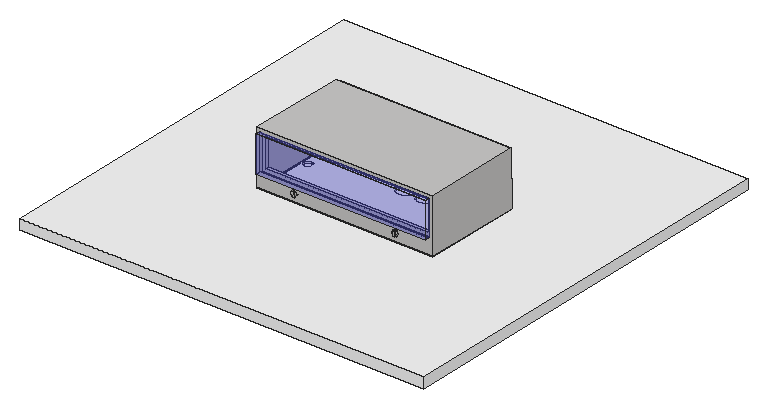
Revit family "BE_23015.2_de_DE", category Leuchten, Revit 2020
Family settings
  Basisbauteil = Fläche
  Bemaßung runder Anschluss = Durchmesser verwenden
  Teiletyp = Normal
  Beim Laden mit Abzugskörper schneiden = Ja
  Lichtquelle = Ja
  Gemeinsam genutzt = Nein
  Raumberechnungspunkt = Ja
Parameters (values of type "BEGA_23015.2_K3")
  built-in parameter 1150104 = 8.5387 (stored number, unit not read)
  Wattage = 13.6 W
  Default Elevation = 0 mm
  built-in parameter 1150113 = 1 (stored number, unit not read)
  built-in parameter 1114218 = 1 (stored number, unit not read)
  Umgebungstemperatur = "25 °C"
  URL = "http://www.bega.de/de/produkt/23015.2"
  Typenkommentare = "© 2022 BEGA. Wir behalten uns das Recht vor, technische Änderungen ohne vorherige Ankündigung vorzunehmen."  # constant formula
  built-in parameter 1150134 = 12
  built-in parameter 1150109 = 1 (stored number, unit not read)
  Strom = ""
  built-in parameter 1150110 = 1 (stored number, unit not read)
  Spannung = 239.996 V
  Sonderanfertigung = no
  Seriennummer [instance] = "Hier können Sie die eindeutige Seriennummer für das Facility Management eintragen."
  Schutzklasse = "I"
  Schutzart = "IP 20"
  Scheinlast = 0 VA
  Produktdatenblatt = "http://www.bega.de/download/Xrfa/db/23015.2.db.de.pdf"
  Oberflächentemperatur = ""
  Neigungswinkel = 0.00°
  Model = "23015.2K4"
  Material_17 = BEGA_Reflektor
  Material_15 = BEGA_Leuchtmedium_matt
  Material_11 = BEGA_Glas_opal
  Material_09 = BEGA_Glas_klar
  Material_08 = BEGA_Oberfläche_Stahl_verzinkt
  Material_06 = BEGA_Oberfläche_Edelstahl_gebürstet
  Material_05 = BEGA_Oberfläche_Aluminium Guss
  Material_03 = BEGA_Oberfläche_Weiss_matt
  Material_02 = BEGA_Oberfläche_Silber_matt
  Material_01 [instance] = BEGA_Oberfläche_Grafit_matt
  M_W = no
  M_G = no
  M_A = no
  Logo = 0
  built-in parameter 1114217 = 1 (stored number, unit not read)
  built-in parameter 1150139 = (empty or 0)
  built-in parameter 1150105 = 99.47 (stored number, unit not read)
  built-in parameter 1150114 = 1 (stored number, unit not read)
  Lumens = 1249.98 lm
  built-in parameter 1150115 = 1 (stored number, unit not read)
  Leuchtenlichtstrom = "527 lm"
  Leuchtenanzahl = ""
  Lebensdauerkriterien = "L70B50 @ 25 °C = 412000 h"
  Lastklassifizierung = Beleuchtung
  built-in parameter 1150112 = 1 (stored number, unit not read)
  Lampenlichtstrom = "1330 lm"
  Lampe = "LED 7.6 W"
  LED_Modulbezeichnung = "2x LED-0947/940"
  Hersteller = "BEGA"  # constant formula
  Halbstreuwinkel = ""
  Gewicht = "1.3 kg"
  Gebrauchslageneinschränkung [instance] = ""
  Frequenz = "0/50-60 Hz"
  Farbwiedergabeindex = "CRI > 90"
  Farbtemperaturverschiebung bei Dämpfen der Lampe = <Keine Auswahl>
  Farbtemperatur = "4000 K"
  Color Filter = 16777215
  built-in parameter 1150133 = 10 (stored number, unit not read)
  Energieeffizienzklasse = "LED A++ - A"
  built-in parameter 1150137 = (empty or 0)
  built-in parameter 1150132 = (empty or 0)
  ENEC = "ja"
  Dimmbar [instance] = ""
  Photometric Web File = "BE_23015.2K4.IES"
  CE_Konformität = "ja"
  Bestellnummer = "23015.2K4"
  Beschreibung_Sonderanfertigung = "Hier können Sie Informationen zur Sonderanfertigung eintragen."
  Beschreibung = "Wandleuchte"
  built-in parameter 1150106 = 0.9947 (stored number, unit not read)
  Befestigungsbohrung = "Ø 4,5 mm"
  Befestigungsabstand = "150 mm"
  Ballwurfsicher = ""
  BEGA_Intern_aus = yes
  BEGA_Intern_an = yes
  BEGA_Intern_Konstruktion = yes
  BEGA_Intern = yes
  BEGA_IES = yes
  BEGA_Dummy = no
  Anschlussleitung = ""
  Anschlussleistung [instance] = "8.8 W"
  Anschlusskasten = ""
  built-in parameter 1150107 = 4000 (stored number, unit not read)
  built-in parameter 1150102 = (empty or 0)
  built-in parameter 1150138 = (empty or 0)
  Aktualisierung = "2019-07-05T04:00:16"
  Abstand_zur_angestrahlten_Fläche [instance] = ""
  AC/DC = "AC/DC"
Reference planes
  plane 1 "Mitte (Vorne/Hinten)": y = 0
  plane 2: z = 0
  plane 3 "Mitte (Links/Rechts)": x = 0
  plane 4 "Links": x = -87.491
  plane 5 "Rechts": x = 87.491
  plane 6 "Unten": y = -53.25
  plane 7 "Oben": y = 53.25
  plane 8 "Vorne": z = 54
  plane 9 "Hinten": z = 0
Forms (mm)
  Extrusion 1, solid, material "BEGA_Platte_Weiss"
    sketch origin (0, -1119.2, 0) x (1, 0, 0) y (0, 1, 0)
      loop
        line (-200, 1319.2) -> (-200, 919.2) -> (200, 919.2) -> (200, 1319.2) -> (-200, 1319.2)
    from 0 to -10
  Extrusion 2, solid, material "BEGA_Dummy_matt", visible <- "BEGA_Dummy"
    sketch origin (80.095, -76.023, 0) x (1, 0, 0) y (0, 1, 0)
      loop
        line (-167.587, 129.273) -> (-167.587, 22.773) -> (7.396, 22.773) -> (7.396, 129.273) -> (-167.587, 129.273)
    from 0 to 54
Dimensions and locks
  plane 1 "Mitte (Vorne/Hinten)" to Extrusion 1 = 200 mm
  aligned and locked: plane 2 to Extrusion 1
  aligned and locked: level to Extrusion 1
Nested families
  nested 1: "BE_23015.2" at (0, 0, 0), type "BE_23015.2"
Connectors
  electrical at (0, 0, 0), driven by "Lastklassifizierung", driven by "Spannung", driven by "Scheinlast"
    settings: index 1, voltage 239.996 V, apparent load 0 VA, apparent load phase1 0 VA, apparent load phase2 0 VA, apparent load phase3 0 VA, power factor 1, load classification "Beleuchtung", number of poles 1, system type 31, power factor state 1, is connector primary yes, connector utility no, sub classification motor no, connector description ""
Definition of nested family "BE_23015.2"
  Parameters (values of type "BE_23015.2")
    Default Elevation = 1 mm
    URL = "http://www.bega.de/de/produkt"
    Type Comments = "© 2015 BEGA. Wir behalten uns das Recht vor, technische Änderungen ohne vorherige Ankündigung vorzunehmen. "  # constant formula
    Type Image = (empty or 0)
    Neigungswinkel_um_Z2 = 0.00°
    Neigungswinkel_um_Z1 = 0.00°
    Neigungswinkel_um_Y2 = 0.00°
    Neigungswinkel_um_Y1 = 0.00°
    Neigungswinkel_um_X2 = 0.00°
    Neigungswinkel_um_X1 = 0.00°
    Material_17 = none
    Material_15 = none
    Material_11 = none
    Material_09 = none
    Material_08 = none
    Material_06 = none
    Material_05 = none
    Material_03 = none
    Material_02 = none
    Material_01 = none
    M_W = yes
    M_G = yes
    M_A = yes
    Länge_Platte = 300 mm  # constant formula
    Höhe_Platte = -10 mm  # constant formula
    Manufacturer = "BEGA"  # constant formula
    Drehwinkel_um_Z2 = 0.00°
    Drehwinkel_um_Z1 = 0.00°
    Breite_Platte = 200 mm  # constant formula
  Reference planes
    plane 1 "Mitte (Oben/Unten)": y = 0
    plane 2: z = 0
    plane 3 "Mitte (Links/Rechts)": x = 0
    plane 4: z = 54
    plane 5: y = 53.25
    plane 6: y = -53.25
    plane 7: x = -87.491
    plane 8: x = 87.491
  Forms (mm)
    Extrusion 1, solid, detail levels medium
      sketch origin (0, 0, 0) x (1, 0, 0) y (0, 1, 0)
        loop
          line (-150, 100) -> (-150, -100) -> (150, -100) -> (150, 100) -> (-150, 100)
      from 0 to -10 <- "Höhe_Platte"
    Extrusion 2, solid, material <- "Material_06", detail levels medium+fine
      sketch origin (0, 0, 0) x (0, 1, 0) y (0, 0, 1)
        loop
          line (48.25, 1) -> (48.25, 54) -> (-48.25, 54) -> (-48.25, 1) -> (-45.835, 1) -> (-45.835, 52) -> (45.835, 52) -> (45.835, 1) -> (48.25, 1)
      from -88.265 to 88.776
    Extrusion 3, solid, material <- "Material_06", detail levels medium+fine
      sketch origin (0, 0, 0) x (1, 0, 0) y (0, 0, 1)
        loop
          line (-88.265, 54) -> (-88.265, 1) -> (-84.981, 1) -> (-84.981, 54) -> (-88.265, 54)
        loop
          line (88.776, 54) -> (85.662, 54) -> (85.662, 1) -> (88.776, 1) -> (88.776, 54)
      from -48.25 to 48.25
    Extrusion 4, void
      sketch origin (0, 0, 0) x (1, 0, 0) y (0, 0, 1)
        loop
          line (-87.499, 0.549) -> (-86.557, 54.543) -> (-89.287, 54.543) -> (-89.287, 0.549) -> (-87.499, 0.549)
        loop
          line (87.516, 0.549) -> (90.348, 0.549) -> (90.348, 54.543) -> (86.574, 54.543) -> (87.516, 0.549)
      from -49.824 to 51.45
    Sweep 5, solid, material <- "Material_03", detail levels medium+fine
      path origin (0, 0, 0) x (1, 0, 0) y (0, 1, 0)
        loop
          line (87.509, 48.25) -> (-87.5, 48.25) -> (-87.5, -48.25) -> (87.509, -48.25) -> (87.509, 48.25)
      profile origin (0.004, 48.25, 0) x (0, -1, 0) y (0, 0, 1)
        loop
          line (0.5, 0) -> (4.017, 0)
          arc (4.017, 0) -> (5.077, 0.439) -> (5.517, 1.5) r 1.5
          line (5.517, 1.5) -> (5.517, 2.5)
          arc (5.517, 2.5) -> (5.663, 2.854) -> (6.017, 3) r 0.5
          line (6.017, 3) -> (42.243, 3) -> (42.243, 4) -> (6.017, 4)
          arc (6.017, 4) -> (4.956, 3.561) -> (4.517, 2.5) r 1.5
          line (4.517, 2.5) -> (4.517, 1.5)
          arc (4.517, 1.5) -> (4.37, 1.146) -> (4.017, 1) r 0.5
          line (4.017, 1) -> (0.5, 1) -> (0.5, 0)
    Extrusion 6, solid, material <- "Material_03", detail levels medium+fine
      sketch origin (0, 0, 0) x (0, 1, 0) y (0, 0, 1)
        loop
          line (6.007, 4) -> (-6.007, 4) -> (-6.007, 3) -> (6.007, 3) -> (6.007, 4)
      from -45.466 to 45.466
    Extrusion 7, void
      sketch origin (0, 0, 0) x (1, 0, 0) y (0, 1, 0)
        loop
          circle (30, 15) r 8.5
        loop
          circle (-75, 0) r 4.25
        loop
          circle (10, 15) r 8.5
        loop
          circle (75, 0) r 4.25
      from 0 to 8
    Extrusion 8, solid, material <- "Material_06", detail levels medium+fine
      sketch origin (0, 0, 0) x (0, 1, 0) y (0, 0, 1)
        loop
          line (45.835, 52) -> (42.76, 52) -> (42.76, 13.991) -> (45.835, 13.991) -> (45.835, 52)
        loop
          line (-45.835, 52) -> (-45.835, 13.991) -> (-42.76, 13.991) -> (-42.76, 52) -> (-45.835, 52)
      from -84.378 to 84.841
    Extrusion 9, void
      sketch origin (0, 0, 0) x (0, 1, 0) y (0, 0, 1)
        loop
          line (49.5, 48.03) -> (-49.715, 48.03) -> (-49.715, 18.623) -> (49.5, 18.623) -> (49.5, 48.03)
      from -80.277 to 80.984
    Extrusion 10, void
      sketch origin (0, 0, 0) x (0, 1, 0) y (0, 0, 1)
        loop
          line (45.835, 51.347) -> (45.835, 15.347) -> (49.744, 15.347) -> (49.744, 51.347) -> (45.835, 51.347)
        loop
          line (-45.835, 51.347) -> (-49.744, 51.347) -> (-49.744, 15.347) -> (-45.835, 15.347) -> (-45.835, 51.347)
      from -83.844 to 84.146
    Extrusion 11, solid, material <- "Material_11", detail levels medium+fine
      sketch origin (0, 0, 0) x (0, -1, 0) y (0, 0, -1)
        loop
          line (53.25, -15.347) -> (45.25, -15.347) -> (45.25, -51.347) -> (53.25, -51.347) -> (53.25, -15.347)
      from -83.844 to 84.146
    Revolve 12, void
      sketch origin (-49.991, 0, 0) x (0, 1, 0) y (0, 0, 1)
        loop
          line (-46.138, 10.5) -> (-47.677, 10.5) -> (-48.584, 11.407) -> (-48.584, 8) -> (-46.138, 8) -> (-46.138, 10.5)
        axis (-46.138, 8) -> (-48.584, 8)
      angle from 0 to 360
    Revolve 13, solid, material <- "Material_06", detail levels fine
      sketch origin (-49.991, 0, 0) x (0, 1, 0) y (0, 0, 1)
        loop
          line (-49.45, 10) -> (-49.45, 8) -> (-46.138, 8) -> (-46.138, 10.5) -> (-47.633, 10.5) -> (-48.25, 10) -> (-49.45, 10)
        axis (-46.138, 8) -> (-49.45, 8)
      angle from 0 to 360
    Extrusion 14, solid, material <- "Material_11", detail levels medium+fine
      sketch origin (0, 0, 0) x (0, 1, 0) y (0, 0, 1)
        loop
          line (53.25, 15.347) -> (53.25, 51.347) -> (45.25, 51.347) -> (45.25, 15.347) -> (53.25, 15.347)
      from -83.844 to 84.146
    Revolve 15, void
      sketch origin (49.991, 0, 0) x (0, 1, 0) y (0, 0, -1)
        loop
          line (-46.138, -10.5) -> (-46.138, -8) -> (-48.584, -8) -> (-48.584, -11.407) -> (-47.677, -10.5) -> (-46.138, -10.5)
        axis (-46.138, -8) -> (-48.584, -8)
      angle from 0 to 360
    Revolve 16, solid, material <- "Material_06", detail levels fine
      sketch origin (49.991, 0, 0) x (0, 1, 0) y (0, 0, -1)
        loop
          line (-49.45, -10) -> (-48.25, -10) -> (-47.633, -10.5) -> (-46.138, -10.5) -> (-46.138, -8) -> (-49.45, -8) -> (-49.45, -10)
        axis (-46.138, -8) -> (-49.45, -8)
      angle from 0 to 360
  Cuts and joins
    Extrusion 4, Extrusion 9, Extrusion 10, Revolve 12, Revolve 15 cuts Extrusion 2
    Extrusion 4, Extrusion 9, Extrusion 10, Revolve 12, Revolve 15 cuts Extrusion 3
    Extrusion 9, Extrusion 10, Revolve 12, Revolve 15 cuts Extrusion 8
    joined: Extrusion 2, Extrusion 3, Extrusion 8
    Extrusion 7 cuts Sweep 5
    Extrusion 7 cuts Extrusion 6
    joined: Sweep 5, Extrusion 6
  Dimensions and locks
    equal spacing: Extrusion 1 sketch curve, plane 3 "Mitte (Links/Rechts)", Extrusion 1 sketch curve
    equal spacing: Extrusion 1 sketch curve, plane 1 "Mitte (Oben/Unten)", Extrusion 1 sketch curve
    "Länge_Platte": Extrusion 1 sketch curve to Extrusion 1 sketch curve
    "Breite_Platte": Extrusion 1 sketch curve to Extrusion 1 sketch curve
    aligned and locked: Extrusion 1 to plane 2
    aligned and locked: level to Extrusion 1
  Automatic sketch dimensions
    plane 4 to Extrusion 2 sketch curve = 0 mm
    level to Extrusion 2 sketch curve = 1 mm  (x2)
    plane 6 to Extrusion 2 sketch curve = 5 mm
    Extrusion 2 sketch curve to Extrusion 2 sketch curve = 2.415 mm  (x2)
    plane 5 to Extrusion 2 sketch curve = 7.415 mm
    plane 4 to Extrusion 2 sketch curve = 2 mm
    Extrusion 3 sketch curve to plane 4 = 0 mm  (x2)
    level to Extrusion 3 sketch curve = 1 mm  (x2)
    Extrusion 3 sketch curve to Extrusion 3 sketch curve = 3.284 mm
    Extrusion 3 sketch curve to Extrusion 3 sketch curve = 3.114 mm
    Extrusion 4 sketch curve to plane 4 = 0.543 mm  (x2)
    level to Extrusion 4 sketch curve = 0.549 mm  (x2)
    Extrusion 4 sketch curve to Extrusion 4 sketch curve = 1.788 mm
    Extrusion 4 sketch curve to Extrusion 4 sketch curve = 2.73 mm
    Extrusion 4 sketch curve to Extrusion 4 sketch curve = 2.831 mm
    plane 5 to Sweep 5 sketch curve = 5 mm
    plane 6 to Sweep 5 sketch curve = 5 mm
    Sweep 5 sketch curve to Sweep 5 sketch curve = 0 mm  (x4)
    Sweep 5 sketch curve to level = 0 mm
    Sweep 5 sketch curve to profile plane = 0.5 mm
    level to Sweep 5 sketch curve = 1 mm
    Sweep 5 sketch curve to Sweep 5 sketch curve = 3.517 mm
    Sweep 5 sketch curve to Sweep 5 sketch curve = 0.5 mm  (x2)
    level to Sweep 5 sketch curve = 4 mm
    Sweep 5 sketch curve to Sweep 5 sketch curve = 36.226 mm
    plane 1 "Mitte (Oben/Unten)" to Extrusion 6 sketch curve = 6.007 mm
    level to Extrusion 6 sketch curve = 3 mm
    Extrusion 6 sketch curve to plane 1 "Mitte (Oben/Unten)" = 6.007 mm
    Extrusion 6 sketch curve to Extrusion 6 sketch curve = 1 mm
    plane 1 "Mitte (Oben/Unten)" to Extrusion 7 sketch curve = 0 mm  (x2)
    plane 3 "Mitte (Links/Rechts)" to Extrusion 7 sketch curve = 10 mm
    Extrusion 7 sketch curve to plane 1 "Mitte (Oben/Unten)" = 15 mm  (x2)
    plane 6 to Extrusion 8 sketch curve = 7.415 mm
    Extrusion 8 sketch curve to Extrusion 8 sketch curve = 3.075 mm  (x2)
    plane 4 to Extrusion 8 sketch curve = 2 mm  (x2)
    plane 5 to Extrusion 8 sketch curve = 10.49 mm
    level to Extrusion 8 sketch curve = 13.991 mm  (x2)
    plane 6 to Extrusion 9 sketch curve = 3.535 mm
    plane 5 to Extrusion 9 sketch curve = 3.75 mm
    level to Extrusion 9 sketch curve = 18.623 mm
    plane 4 to Extrusion 9 sketch curve = 5.97 mm
    plane 6 to Extrusion 10 sketch curve = 3.506 mm
    Extrusion 10 sketch curve to Extrusion 10 sketch curve = 3.91 mm
    plane 5 to Extrusion 10 sketch curve = 7.415 mm
    plane 5 to Extrusion 10 sketch curve = 3.506 mm
    level to Extrusion 10 sketch curve = 15.347 mm  (x2)
    plane 4 to Extrusion 10 sketch curve = 2.653 mm  (x2)
    Extrusion 11 sketch curve to plane 6 = 0 mm
    Extrusion 11 sketch curve to plane 4 = 2.653 mm
    Extrusion 11 sketch curve to plane 6 = 8 mm
    Extrusion 11 sketch curve to level = 15.347 mm
    plane 6 to Revolve 12 sketch curve = 4.666 mm
    Revolve 12 sketch curve to Revolve 12 sketch curve = 0.907 mm  (x2)
    Revolve 12 sketch curve to Revolve 12 sketch curve = 2.445 mm
    level to Revolve 12 sketch curve = 8 mm
    Revolve 12 sketch curve to Revolve 12 sketch curve = 2.5 mm
    Revolve 12 sketch curve to Revolve 12 sketch curve = 0 mm  (x3)
    plane 6 to Revolve 13 sketch curve = 3.8 mm
    Revolve 13 sketch curve to Revolve 13 sketch curve = 1.2 mm
    Revolve 13 sketch curve to Revolve 13 sketch curve = 0.617 mm
    Revolve 13 sketch curve to Revolve 13 sketch curve = 1.494 mm
    level to Revolve 13 sketch curve = 8 mm
    Revolve 13 sketch curve to Revolve 13 sketch curve = 2 mm
    Revolve 13 sketch curve to Revolve 13 sketch curve = 0.5 mm
    Revolve 13 sketch curve to Revolve 13 sketch curve = 0 mm  (x3)
    Extrusion 14 sketch curve to plane 5 = 0 mm
    plane 4 to Extrusion 14 sketch curve = 2.653 mm
    Extrusion 14 sketch curve to Extrusion 14 sketch curve = 8 mm
    level to Extrusion 14 sketch curve = 15.347 mm
    plane 6 to Revolve 15 sketch curve = 4.666 mm
    Revolve 15 sketch curve to Revolve 15 sketch curve = 0.907 mm  (x2)
    Revolve 15 sketch curve to Revolve 15 sketch curve = 2.445 mm
    level to Revolve 15 sketch curve = 11.407 mm
    Revolve 15 sketch curve to Revolve 15 sketch curve = 2.5 mm
    Revolve 15 sketch curve to Revolve 15 sketch curve = 0 mm  (x3)
    plane 6 to Revolve 16 sketch curve = 3.8 mm
    Revolve 16 sketch curve to Revolve 16 sketch curve = 1.2 mm
    Revolve 16 sketch curve to Revolve 16 sketch curve = 0.617 mm
    Revolve 16 sketch curve to Revolve 16 sketch curve = 1.494 mm
    level to Revolve 16 sketch curve = 10.5 mm
    Revolve 16 sketch curve to Revolve 16 sketch curve = 0.5 mm
    Revolve 16 sketch curve to Revolve 16 sketch curve = 2.5 mm
    Revolve 16 sketch curve to Revolve 16 sketch curve = 0 mm  (x3)
    plane 3 "Mitte (Links/Rechts)" to Extrusion 3 sketch curve = 85.662 mm
    plane 3 "Mitte (Links/Rechts)" to Extrusion 4 sketch curve = 86.574 mm
    Extrusion 4 sketch curve to Extrusion 4 sketch curve = 0.942 mm
    plane 3 "Mitte (Links/Rechts)" to Sweep 5 sketch curve = 87.509 mm
    Extrusion 7 sketch curve to Extrusion 7 sketch curve = 20 mm
    Extrusion 7 sketch curve to Extrusion 7 sketch curve = 45 mm
    Extrusion 3 sketch curve to plane 3 "Mitte (Links/Rechts)" = 84.981 mm
    Extrusion 4 sketch curve to plane 3 "Mitte (Links/Rechts)" = 86.557 mm
    Sweep 5 sketch curve to plane 3 "Mitte (Links/Rechts)" = 87.5 mm
    Extrusion 7 sketch curve to plane 3 "Mitte (Links/Rechts)" = 75 mm
    radius of Extrusion 7 sketch curve = 8.5 mm  (x2)
    radius of Extrusion 7 sketch curve = 4.25 mm  (x2)
